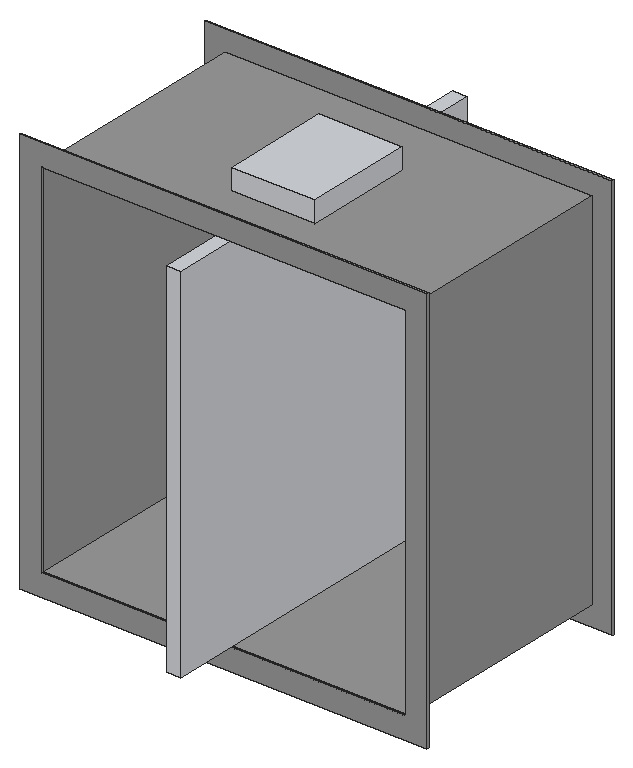
Revit family "НЕВАТОМ_Клапан KPNZ-60(90)-АхВ-04, Версия 2", category Арматура воздуховодов, Revit 2017
Family settings
  Размер круглого соединителя = Использовать диаметр
  Тип детали = Вставляется
  На основе рабочей плоскости = Нет
  Всегда вертикально = Нет
  При загрузке вырезать с полостями = Нет
  Общий = Нет
Parameters (values of type "KPNZ-60(90)-AxB-SN-MN-24(220)-04")
  Ширина кожуха = 115 mm  # constant formula
  ТП1 = "Клапан1"
  ТП = "Клапан"
  Сравнение огнестойкости [instance] = if(EI 60, 1 mm, 0 mm)  # 0 mm
  Сравнение напряжения [instance] = if(U24, 1 mm, 0 mm)  # 0 mm
  Открыто [instance] = and(not(Закрыто))  # yes
  Откр [instance] = B - 8 mm  # 492 mm
  Материал корпуса = Сталь оцинкованная
  Клапан = "НЕВАТОМ_Клапан KPNZ-60(90)-АхВ-MN"  # constant formula
  Закрыто [instance] = no
  t = 2 mm  # constant formula
  a [instance] = size_lookup(ТП, "C", 0 mm, A, B)  # 85 mm
  U24 [instance] = no
  U220 [instance] = and(not(U24))  # yes
  S [instance] = 320 mm  # constant formula
  Nevatom_URL = "https://t.me/NEVATOM_Bim_bot"
  H = 140 mm  # constant formula
  F1 [instance] = if(F < 30 mm, 45 mm, 60 mm)  # 60 mm
  F [instance] = size_lookup(ТП, "F", 0 mm, A, B)  # 30 mm
  EI 90 [instance] = and(not(EI 60))  # yes
  EI 60 [instance] = no
  B2 [instance] = B + F1  # 560 mm
  B1 [instance] = B + F  # 530 mm
  B [instance] = 500 mm
  ADSK_Ток = 0 A
  ADSK_Расход воздуха = 0.0 m³/h
  ADSK_Размер_Ширина [instance] = S  # 320 mm
  ADSK_Размер_Длина [instance] = B2  # 560 mm
  ADSK_Размер_Высота [instance] = A2 + H  # 700 mm
  ADSK_Примечание = ""
  ADSK_Полная мощность = 0.000 kW
  ADSK_Позиция = ""
  ADSK_Напряжение [instance] = if(U220, 220 V, 24 V)  # 220 V
  Наименование [instance] = "Клапан противопожарный нормально закрытый"  # constant formula
  ADSK_Материал наименование = "Оцинкованная сталь"  # constant formula
  ADSK_Масса [instance] = size_lookup(ТП, "N", 0, A, B)  # 16.5
  ADSK_Марка [instance] = size_lookup(Клапан, "", "Ошибка типоразмера", A, B, Сравнение огнестойкости, Сравнение напряжения)  # "KPNZ-90-500x500-SN-MN-220-04"
  ADSK_Количество = 1  # constant formula
  ADSK_Код изделия = ""
  ADSK_Завод-изготовитель = "НЕВАТОМ"  # constant formula
  ADSK_Единица измерения = "шт."
  A2 [instance] = A + F1  # 560 mm
  A1 [instance] = A + F  # 530 mm
  A [instance] = 500 mm
Reference planes
  plane 1 "По центру (Вперед/Назад)": y = 628.758
  plane 2: z = 0
  plane 3 "По центру (Влево/Вправо)": x = 0
  plane 4: z = 250
  plane 5: z = -250
  plane 6: x = 250
  plane 7: x = -250
  plane 8: z = 280
  plane 9: z = -280
  plane 10: x = 280
  plane 11: x = -280
  plane 12: y = 788.758
  plane 13: y = 468.758
  plane 14: y = 874.758
  plane 15: y = 382.758
  plane 16: z = 390
  plane 17: x = -57.5
  plane 18: x = 57.5
  plane 19: y = 703.758
  plane 20: y = 553.758
  plane 21: z = 360
Forms (mm)
  Extrusion 1, solid, material "Сталь оцинкованная" <- "Материал корпуса"
    sketch origin (0, 628.758, 0) x (1, 0, 0) y (0, 0, 1)
      loop
        line (-280, 280) -> (-280, -280) -> (280, -280) -> (280, 280) -> (-280, 280)
      loop
        line (-250, 250) -> (-250, -250) -> (250, -250) -> (250, 250) -> (-250, 250)
    from 158 to 160
  Extrusion 2, solid, material "Сталь оцинкованная" <- "Материал корпуса"
    sketch origin (0, 628.758, 0) x (1, 0, 0) y (0, 0, -1)
      loop
        line (-280, -280) -> (280, -280) -> (280, 280) -> (-280, 280) -> (-280, -280)
      loop
        line (-250, -250) -> (250, -250) -> (250, 250) -> (-250, 250) -> (-250, -250)
    from 158 to 160
  Extrusion 3, solid, material "Сталь оцинкованная" <- "Материал корпуса"
    sketch origin (0, 628.758, 0) x (1, 0, 0) y (0, 0, 1)
      loop
        line (-250, 250) -> (-250, -250) -> (250, -250) -> (250, 250) -> (-250, 250)
      loop
        line (-252, 252) -> (-252, -252) -> (252, -252) -> (252, 252) -> (-252, 252)
    from -158 to 158
  Extrusion 4, solid, visible <- "Закрыто"
    sketch origin (0, 628.758, 0) x (1, 0, 0) y (0, 0, 1)
      loop
        line (-250, 250) -> (-250, -250) -> (250, -250) -> (250, 250) -> (-250, 250)
    from -10 to 10
  Extrusion 5, solid, visible <- "Открыто"
    sketch origin (0, 0, 0) x (1, 0, 0) y (0, 1, 0)
      loop
        line (-10, 874.758) -> (-10, 382.758) -> (10, 382.758) -> (10, 874.758) -> (-10, 874.758)
    from -250 to 250
  Extrusion 6, solid
    sketch origin (0, 628.758, 0) x (1, 0, 0) y (0, 0, 1)
      loop
        line (-57.5, 280) -> (-57.5, 250) -> (57.5, 250) -> (57.5, 280) -> (-57.5, 280)
    from -75 to 75
Dimensions and locks
  equal spacing: plane 6, plane 3 "По центру (Влево/Вправо)", plane 7
  "B": plane 6 to plane 7
  equal spacing: plane 4, level, plane 5
  "A": plane 4 to plane 5
  equal spacing: plane 10, plane 3 "По центру (Влево/Вправо)", plane 11
  "B2": plane 10 to plane 11
  equal spacing: plane 8, level, plane 9
  "A2": plane 8 to plane 9
  equal spacing: plane 12, plane 1 "По центру (Вперед/Назад)", plane 13
  "S": plane 12 to plane 13
  equal spacing: plane 14, plane 1 "По центру (Вперед/Назад)", plane 15
  "Откр": plane 14 to plane 15
  "t": plane 12 to Extrusion 2
  "t": Extrusion 1 to plane 13
  "t": Extrusion 3 sketch curve to plane 6
  "t": plane 5 to Extrusion 3 sketch curve
  "t": Extrusion 3 sketch curve to plane 4
  "t": plane 7 to Extrusion 3 sketch curve
  equal spacing: Extrusion 4, plane 1 "По центру (Вперед/Назад)", Extrusion 4, locked at 10 each
  equal spacing: Extrusion 5 sketch curve, plane 3 "По центру (Влево/Вправо)", Extrusion 5 sketch curve
  locked: Extrusion 5 sketch curve to Extrusion 5 sketch curve at 20
  "H": plane 16 to plane 4
  equal spacing: plane 18, plane 3 "По центру (Влево/Вправо)", plane 17
  "Ширина кожуха": plane 18 to plane 17
  plane 19 to plane 1 "По центру (Вперед/Назад)" to plane 20 = 75 mm locked, 75 mm locked
  locked: plane 21 to plane 4 at 110
  plane 20 to plane 1 "По центру (Вперед/Назад)" = 75 mm
  aligned and locked: level to plane 2
  aligned and locked: Extrusion 1 sketch curve to plane 8
  aligned and locked: plane 11 to Extrusion 1 sketch curve
  aligned and locked: plane 9 to Extrusion 1 sketch curve
  aligned and locked: Extrusion 1 sketch curve to plane 10
  aligned and locked: Extrusion 1 sketch curve to plane 4
  aligned and locked: plane 7 to Extrusion 1 sketch curve
  aligned and locked: plane 5 to Extrusion 1 sketch curve
  aligned and locked: Extrusion 1 sketch curve to plane 6
  aligned and locked: plane 12 to Extrusion 2
  aligned and locked: Extrusion 1 to plane 13
  aligned and locked: Extrusion 3 sketch curve to Extrusion 1  (x4)
  aligned and locked: Extrusion 3 to Extrusion 2
  aligned and locked: Extrusion 3 to Extrusion 1
  aligned and locked: Extrusion 4 sketch curve to Extrusion 1  (x4)
  aligned and locked: Extrusion 5 sketch curve to plane 14
  aligned and locked: plane 15 to Extrusion 5 sketch curve
  aligned and locked: Extrusion 5 to plane 5
  aligned and locked: plane 4 to Extrusion 5
  aligned and locked: Extrusion 6 sketch curve to plane 8
  aligned and locked: plane 17 to Extrusion 6 sketch curve
  aligned and locked: plane 4 to Extrusion 6 sketch curve
  aligned and locked: Extrusion 6 sketch curve to plane 18
  aligned and locked: Extrusion 6 to plane 20
  aligned and locked: plane 19 to Extrusion 6
  aligned and locked: plane 8 to nested 1
  aligned and locked: plane 1 "По центру (Вперед/Назад)" to nested 1
Automatic sketch dimensions
  Extrusion 2 sketch curve to plane 9 = 0 mm
  Extrusion 2 sketch curve to plane 11 = 0 mm
  Extrusion 2 sketch curve to plane 4 = 0 mm
  Extrusion 2 sketch curve to plane 7 = 0 mm
  Extrusion 2 sketch curve to plane 6 = 0 mm
  Extrusion 2 sketch curve to plane 8 = 0 mm
  Extrusion 2 sketch curve to plane 10 = 0 mm
  Extrusion 2 sketch curve to plane 5 = 0 mm
  Extrusion 5 sketch curve to plane 3 "По центру (Влево/Вправо)" = 10 mm
Nested families
  nested 1: "НЕВАТОМ_Привод Tasa_Sasa" at (-0.411, 628.758, 311.122) x (1, -0.0089, 0) z (0, 0, 1), type "Привод TASA/SASA"
Connectors
  hvac at (0, 468.758, 0), driven by "A", driven by "B"
    settings: on Extrusion 1, index 1, duct flow 0.0 m³/h, flow factor 0, pres drop 0.0 Pa, loss coef 0, conn angle 0.00°, conn width 500 mm, conn height 500 mm, conn diameter 609.6 mm, duct sys type 29, conn prof type 1, flow config 0, flow direction 0, loss method 0, conn ref index 2, conn util no, is conn primary yes, conn desc ""
  hvac at (0, 788.758, 0), driven by "A", driven by "B"
    settings: on Extrusion 2, index 2, duct flow 0.0 m³/h, flow factor 0, pres drop 0.0 Pa, loss coef 0, conn angle 0.00°, conn width 500 mm, conn height 500 mm, conn diameter 609.6 mm, duct sys type 29, conn prof type 1, flow config 0, flow direction 0, loss method 0, conn ref index 1, conn util no, is conn primary no, conn desc ""
Definition of nested family "НЕВАТОМ_Привод Tasa_Sasa"
  Parameters (values of type "Привод TASA/SASA")
    ADSK_Этаж = ""
    ADSK_Предел огнестойкости = ""
    ADSK_Позиция = ""
    ADSK_Обозначение = ""
    Наименование = "Привод TASA/SASA"  # constant formula
    ADSK_Марка = ""
    ADSK_Количество = 0
    ADSK_Код изделия = ""
    ADSK_Зона = ""
    ADSK_Единица измерения = ""
  Reference planes
    plane 1 "По центру (Вперед/Назад)": y = 0
    plane 2: z = 0
    plane 3 "По центру (Влево/Вправо)": x = 0
  Dimensions and locks
    aligned and locked: level to plane 2
